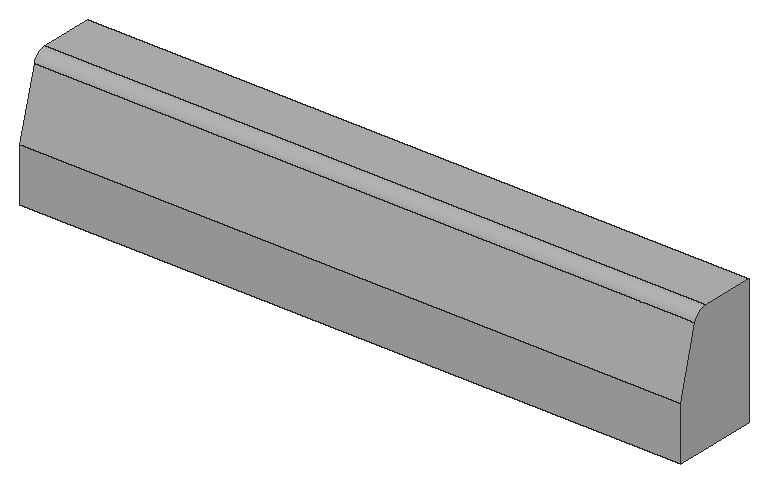
Revit family "K143 7x5 Kerb", category Generic Models, Revit 2020
Family settings
  Can host rebar = No
  Round Connector Dimension = Use Diameter
  Part Type = Normal
  Work Plane-Based = No
  Always vertical = Yes
  Cut with Voids When Loaded = No
  Shared = No
  Room Calculation Point = No
Parameters
  Weight = "42Kg."
  Warranty Guarantor Parts = "n/a"
  Warranty Guarantor Labour = "n/a"
  Warranty Duration Unit = "n/a"
  Warranty Duration Parts = "n/a"
  Warranty Duration Labour = "n/a"
  Warranty Description = "n/a"
  Unit Width [instance] = 116 mm
  Unit Length [instance] = 914 mm
  Unit Height [instance] = 178 mm
  URL = "www.killeshal.com"
  Types = "Single"
  Type Comments = "Visit our website for a full list of available products."
  Sustainability Performance = "n/a"
  Structural Class = "n/a"
  Span = "Length."
  Slope = "0.00°"
  Size = "116 Wide x 178 High x 914mm Long."
  Shape = "As per drawing"
  Service Life = "0.000000"
  Serial Number = "n/a"
  Resistance to Fire = "n/a"
  Replacement Cost = "n/a"
  Reference = "n/a"
  Notified Body = "n/a"
  Nominal Cover to Main Bar = "n/a"
  Model = "K/143 Kerb."
  Mechanical Resistance = "n/a"
  Manufacturer = "Killeshal Precast Concrete Ltd."
  Load Bearing = no
  Life Cycle Environmental Load = "n/a"
  Length Options = "914mm."
  Keynote = "The information contained is the sole property of KPC Ltd., any reproduction in part or whole without permission of KPC Ltd. is prohibited."
  Environmental Product Declaration = "n/a"
  Environmental Class = "n/a"
  Durability against Corrosion = "n/a"
  Dimension Accuracy Class = "I.S. EN 1340:2003"
  Detailing = "As per design specification and product drawings."
  Description = "7\" x 5\" Kerb."
  Default Elevation = 0 mm
  Dangerous Substances = "n/a"
  Contact Tel = "0035357 9353018"
  Contact Email = "sales@killeshal.com"
  Construction Type = "Precast"
  Construction Tolerance Class = "I.S. EN 1340:2003"
  Compressive Strength of Concrete = "n/a"
  Characteristics of Reinforcing Steel = "n/a"
  Characteristics Deflection Under Load = "n/a"
Reference planes
  plane 1 "Center (Front/Back)": y = 0
  plane 2: z = 0
  plane 3 "Center (Left/Right)": x = 0
  plane 4 "Rear": y = 58
  plane 5 "Front": y = -58
  plane 6 "Top": z = 178
  plane 7 "Center L/W": z = 70
  plane 8 "Center L/Y": y = -30
Forms (mm)
  Extrusion 1, solid, material "Precast Concrete (KPC)"
    sketch origin (0, 0, 0) x (0, 1, 0) y (0, 0, 1)
      loop
        line (58, 0) -> (58, 178) -> (-15.4, 178)
        arc (-15.4, 178) -> (-26.954, 174.083) -> (-33.745, 163.947) r 19
        line (-33.745, 163.947) -> (-58, 74) -> (-58, 0) -> (58, 0)
    from 0 to 914
Dimensions and locks
  "Unit Length": Extrusion 1 to Extrusion 1
  "Unit Width": Extrusion 1 to Extrusion 1
  "Unit Height": Extrusion 1 to Extrusion 1
  plane 7 "Center L/W" to level = 70 mm
  plane 4 "Rear" to plane 8 "Center L/Y" = 88 mm
  aligned and locked: level to plane 2
Automatic sketch dimensions
  Extrusion 1 sketch curve to level = 0 mm
  Extrusion 1 sketch curve to plane 5 "Front" = 0 mm
  Extrusion 1 sketch curve to plane 6 "Top" = 0 mm
  Extrusion 1 sketch curve to plane 4 "Rear" = 0 mm
  Extrusion 1 sketch curve to plane 8 "Center L/Y" = 3.745 mm
  plane 8 "Center L/Y" to Extrusion 1 sketch curve = 14.6 mm
  plane 7 "Center L/W" to Extrusion 1 sketch curve = 4 mm
  Extrusion 1 sketch curve to Extrusion 1 sketch curve = 19 mm
